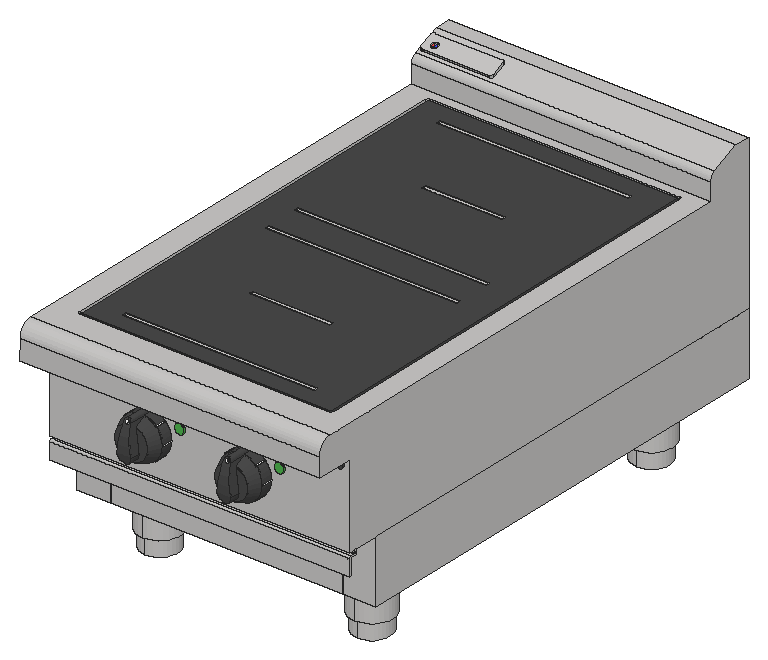
Revit family "QF_Moffat_INL8200R3-B_Induction_Cooktop_cat", category Specialty Equipment, Revit 2019
Family settings
  Round Connector Dimension = Use Diameter
  Part Type = Normal
  Work Plane-Based = No
  Always vertical = Yes
  Cut with Voids When Loaded = No
  Shared = No
  Room Calculation Point = No
Parameters (values of type "INL8200R3-B_415/60/3")
  Weight in Kilograms = 88
  Watts = 7000 W
  Volts = 415 V
  URL Cutsheet = ""
  Specification by User = ""
  Specification by Manufacturer = ""
  Show Logo [instance] = yes
  Serial Number = ""
  Seismic Rating = ""
  SMACNA No = ""
  Revision Code = ""
  Phase = 3
  Number of Poles = 1
  NAFEM Spec ID Number = ""
  Model = "INL8200R3-B"
  Min Ckt Ampacity = 0 A
  Max Overcurrent Protection = 0 A
  Masterspec = ""
  Manufacturer = "Moffat"
  Length = 450 mm
  Item Number = ""
  Installed By = ""
  Identify Quantity as Lot = yes
  Height = 410 mm
  HP = ""
  Furnished By = ""
  Foodservice Equipment Identifier = yes
  FL Amps = 10 A
  Electrical Remarks = ""
  Electric Connection Type = ""
  Elec Conn RI Height = 0 mm
  Elec Conn Connection Height = 0 mm
  Description = "Induction Cooktop"
  Depth = 805 mm
  Cycle = 60 Hz
  Conn Plug = ""
  Conn Conduit = yes
  CSI MasterFormat = ""
  Apparent Power = if(Phase = 3, Volts * FL Amps * 1.73, Volts * FL Amps)  # 7179.5 VA
Types (2, lengths in mm): name | Volts | Cycle | Apparent Power
  INL8200R3-B_415/60/3 | 415 V | 60 Hz | 7179.5 VA
  INL8200R3-B_400/50/3 | 400 V | 50 Hz | 6920 VA
Reference planes
  plane 1 "BACK": y = 0
  plane 2: z = 0
  plane 3 "LEFT": x = 0
  plane 4 "RIGHT": x = 450
  plane 5 "FRONT": y = -805
  plane 6 "TOP": z = 410
  plane 7 "Center Y": x = 225
  plane 8 "Center X": y = -402.5
  plane 9: x = 65.5
  plane 10: x = 384.5
  plane 11: y = -30
  plane 12: x = 320
  plane 13: z = 85
  plane 14: y = -100
  plane 15: y = -625
  plane 16: y = -70
  plane 17: z = 355
  plane 18: z = 75
Forms (mm)
  Extrusion 1, solid, material "QF_Metal_Stainless_Polished"
    sketch origin (0, 0, 0) x (0, 1, 0) y (0, 0, 1)
      loop
        line (0, 180) -> (0, 410) -> (-23.147, 410) -> (-62.316, 393.374)
        arc (-62.316, 393.374) -> (-67.905, 388.725) -> (-70, 381.764) r 12.612
        line (-70, 381.764) -> (-70, 355) -> (-784.417, 355)
        arc (-784.417, 355) -> (-798.971, 348.971) -> (-805, 334.417) r 20.583
        line (-805, 334.417) -> (-805, 305) -> (-749, 305) -> (-749, 180) -> (0, 180)
    from 0 to 450
  Extrusion 2, void
    sketch origin (0, -784.417, 355) x (0, 1, 0) y (-1, 0, 0)
      loop
        arc (699.588, -42.349) -> (697.83, -38.106) -> (693.588, -36.349) r 6
        line (693.588, -36.349) -> (45.492, -36.349)
        arc (45.492, -36.349) -> (41.249, -38.106) -> (39.492, -42.349) r 6
        line (39.492, -42.349) -> (39.492, -413.677)
        arc (39.492, -413.677) -> (41.249, -417.92) -> (45.492, -419.677) r 6
        line (45.492, -419.677) -> (693.588, -419.677)
        arc (693.588, -419.677) -> (697.83, -417.92) -> (699.588, -413.677) r 6
        line (699.588, -413.677) -> (699.588, -42.349)
    from 0 to -9.5
  Extrusion 3, solid, material "QF_Plastic_Black_Smooth"
    sketch origin (0, -784.417, 355) x (0, 1, 0) y (-1, 0, 0)
      loop
        line (695.588, -413.677) -> (695.588, -42.349)
        arc (695.588, -42.349) -> (695.002, -40.935) -> (693.588, -40.349) r 2
        line (693.588, -40.349) -> (45.492, -40.349)
        arc (45.492, -40.349) -> (44.078, -40.935) -> (43.492, -42.349) r 2
        line (43.492, -42.349) -> (43.492, -413.677)
        arc (43.492, -413.677) -> (44.078, -415.091) -> (45.492, -415.677) r 2
        line (45.492, -415.677) -> (693.588, -415.677)
        arc (693.588, -415.677) -> (695.002, -415.091) -> (695.588, -413.677) r 2
      loop
        line (666.191, -368.576) -> (666.191, -81.424) -> (660.191, -81.424) -> (660.191, -368.576) -> (666.191, -368.576)
      loop
        line (528.085, -165) -> (528.085, -285) -> (534.085, -285) -> (534.085, -165) -> (528.085, -165)
      loop
        line (76.585, -368.576) -> (76.585, -81.424) -> (70.585, -81.424) -> (70.585, -368.576) -> (76.585, -368.576)
      loop
        line (204.401, -165) -> (204.401, -285) -> (210.401, -285) -> (210.401, -165) -> (204.401, -165)
      loop
        line (399.085, -368.576) -> (399.085, -81.424) -> (393.085, -81.424) -> (393.085, -368.576) -> (399.085, -368.576)
      loop
        line (344.085, -368.576) -> (344.085, -81.424) -> (338.085, -81.424) -> (338.085, -368.576) -> (344.085, -368.576)
    from 0 to -9.5
  Extrusion 4, solid, material "QF_Metal_Stainless_Polished"
    sketch origin (0, 0, 40) x (0, 1, 0) y (0, 0, 1)
      loop
        line (-739.467, 140) -> (-738.192, 134.838)
        arc (-738.192, 134.838) -> (-738.307, 134.302) -> (-738.799, 134.063) r 0.625
        line (-738.799, 134.063) -> (-746.111, 134.063)
        arc (-746.111, 134.063) -> (-748.011, 133.276) -> (-748.797, 131.377) r 2.686
        line (-748.797, 131.377) -> (-748.797, 107.627) -> (-747.197, 107.627) -> (-747.197, 131.242)
        arc (-747.197, 131.242) -> (-746.84, 132.105) -> (-745.976, 132.463) r 1.221
        line (-745.976, 132.463) -> (-738.755, 132.463)
        arc (-738.755, 132.463) -> (-737.028, 133.304) -> (-736.625, 135.182) r 2.194
        line (-736.625, 135.182) -> (-737.815, 140) -> (-739.467, 140)
    from 0 to 450
  Extrusion 5, solid, material "QF_Plastic_Black_Smooth"
    sketch origin (0, -749, 181.875) x (0, 0, 1) y (-1, 0, 0)
      loop
        circle (112.843, -13.157) r 5
      loop
        circle (112.843, -436.843) r 5
    from 0 to 1.6
  Extrusion 6, solid, material "QF_Metal_Stainless_Polished"
    sketch origin (0, -699, 85) x (0, 1, 0) y (1, 0, 0)
      loop
        circle (669, 320) r 6.35
    from 0 to 10
  Extrusion 7, solid, material "QF_Metal_Stainless_Polished"
    sketch origin (0, -699, 85) x (1, 0, 0) y (0, -1, 0)
      loop
        line (0, -699) -> (450, -699) -> (450, 0) -> (399.2, 0) -> (399.2, -25.4) -> (50.8, -25.4) -> (50.8, 0) -> (0, 0) -> (0, -699)
    from 0 to -95
  Extrusion 8, solid, material "QF_Metal_Stainless_Polished"
    sketch origin (50.8, -30, 85) x (0, 1, 0) y (0, 0, 1)
      loop
        line (-669, 0) -> (-643.6, 0) -> (-643.6, 26.45) -> (-669, 26.45) -> (-669, 0)
      loop
        line (-669, 32.45) -> (-643.6, 32.45) -> (-643.6, 66.4) -> (-669, 66.4) -> (-669, 32.45)
      loop
        line (-669, 67.4) -> (-643.6, 67.4) -> (-643.6, 95) -> (-669, 95) -> (-669, 67.4)
    from 0 to 348.4
  Revolve 9, solid, material "QF_Metal_Stainless_Polished"
    sketch origin (65.5, -4572, -304.8) x (0, 0, -1) y (0, -1, 0)
      loop
        line (-304.8, -4499.5) -> (-304.8, -4472) -> (-389.8, -4472) -> (-389.8, -4503.75) -> (-329.8, -4503.75) -> (-329.8, -4499.5) -> (-304.8, -4499.5)
      axis (-389.8, -4472) -> (-304.8, -4472)
    angle from 0 to 360
  Revolve 10, solid, material "QF_Metal_Stainless_Polished"
    sketch origin (65.5, -4572, -304.8) x (0, 0, -1) y (0, -1, 0)
      loop
        line (-304.8, -3974.5) -> (-304.8, -3947) -> (-389.8, -3947) -> (-389.8, -3978.75) -> (-329.8, -3978.75) -> (-329.8, -3974.5) -> (-304.8, -3974.5)
      axis (-389.8, -3947) -> (-304.8, -3947)
    angle from 0 to 360
  Revolve 11, solid, material "QF_Metal_Stainless_Polished"
    sketch origin (384.5, -4572, -304.8) x (0, 0, -1) y (0, 1, 0)
      loop
        line (-304.8, 4499.5) -> (-329.8, 4499.5) -> (-329.8, 4503.75) -> (-389.8, 4503.75) -> (-389.8, 4472) -> (-304.8, 4472) -> (-304.8, 4499.5)
      axis (-389.8, 4472) -> (-304.8, 4472)
    angle from 0 to 360
  Revolve 12, solid, material "QF_Metal_Stainless_Polished"
    sketch origin (384.5, -4572, -304.8) x (0, 0, -1) y (0, 1, 0)
      loop
        line (-304.8, 3974.5) -> (-329.8, 3974.5) -> (-329.8, 3978.75) -> (-389.8, 3978.75) -> (-389.8, 3947) -> (-304.8, 3947) -> (-304.8, 3974.5)
      axis (-389.8, 3947) -> (-304.8, 3947)
    angle from 0 to 360
  Extrusion 13, solid, material "QF_Metal_Stainless_Polished"
    sketch origin (0, 0, 0) x (1, 0, 0) y (0, 1, 0)
      loop
        line (368.576, -124.226) -> (368.576, -118.226) -> (81.424, -118.226) -> (81.424, -124.226) -> (368.576, -124.226)
      loop
        line (285, -256.332) -> (285, -250.332) -> (165, -250.332) -> (165, -256.332) -> (285, -256.332)
      loop
        line (165, -574.016) -> (165, -580.016) -> (285, -580.016) -> (285, -574.016) -> (165, -574.016)
      loop
        line (81.424, -707.833) -> (81.424, -713.833) -> (368.576, -713.833) -> (368.576, -707.833) -> (81.424, -707.833)
      loop
        line (368.576, -391.333) -> (368.576, -385.333) -> (81.424, -385.333) -> (81.424, -391.333) -> (368.576, -391.333)
      loop
        line (368.576, -446.333) -> (368.576, -440.333) -> (81.424, -440.333) -> (81.424, -446.333) -> (368.576, -446.333)
    from 355 to 345.5
  Extrusion 14, solid, material "QF_Paint_Green"
    sketch origin (63.231, -748.999, 157.5) x (0, 0, 1) y (-1, 0, 0)
      loop
        circle (100.3, -282.5) r 7.15
    from 0 to 1.6
  Extrusion 15, solid, material "QF_Plastic_Black_Smooth"
    sketch origin (75, -748.999, 169.375) x (0, 0, 1) y (-1, 0, 0)
      loop
        circle (112.843, -225) r 5
    from 0 to 1.6
  Extrusion 16, solid, material "QF_Paint_Green"
    sketch origin (-86.769, -748.999, 157.5) x (0, 0, 1) y (-1, 0, 0)
      loop
        circle (100.3, -282.5) r 7.15
    from 0 to 1.6
  Extrusion 17, solid, material "QF_Plastic_Black_Smooth"
    sketch origin (-75, -748.999, 169.375) x (0, 0, 1) y (-1, 0, 0)
      loop
        circle (112.843, -225) r 5
    from 0 to 1.6
Cuts and joins
  Extrusion 2 cuts Extrusion 1
Lines and regions (mm)
  symbolic lines
    curve 1: line (0, 0, 0) -> (450, 0, 0)
    curve 2: line (0, -805, 0) -> (0, 0, 0)
    curve 3: line (450, -805, 0) -> (0, -805, 0)
    curve 4: line (450, 0, 0) -> (450, -805, 0)
    curve 5: line (0, -70, 0) -> (450, -70, 0)
    curve 6: line (0, -23.147, 0) -> (450, -23.147, 0)
    curve 7: line (42.349, -84.83, 0) -> (413.677, -84.83, 0)
    curve 8: arc (413.677, -84.83, 0) -> (417.92, -86.587, 0) -> (419.677, -90.83, 0) r 6
    curve 9: line (419.677, -90.83, 0) -> (419.677, -738.926, 0)
    curve 10: arc (419.677, -738.926, 0) -> (417.92, -743.168, 0) -> (413.677, -744.926, 0) r 6
    curve 11: line (413.677, -744.926, 0) -> (42.349, -744.926, 0)
    curve 12: arc (42.349, -744.926, 0) -> (38.106, -743.168, 0) -> (36.349, -738.926, 0) r 6
    curve 13: line (36.349, -738.926, 0) -> (36.349, -90.83, 0)
    curve 14: arc (36.349, -90.83, 0) -> (38.106, -86.587, 0) -> (42.349, -84.83, 0) r 6
    curve 15: line (413.677, -88.83, 0) -> (42.349, -88.83, 0)
    curve 16: arc (42.349, -88.83, 0) -> (40.935, -89.415, 0) -> (40.349, -90.83, 0) r 2
    curve 17: line (40.349, -90.83, 0) -> (40.349, -738.926, 0)
    curve 18: arc (40.349, -738.926, 0) -> (40.935, -740.34, 0) -> (42.349, -740.926, 0) r 2
    curve 19: line (42.349, -740.926, 0) -> (413.677, -740.926, 0)
    curve 20: arc (413.677, -740.926, 0) -> (415.091, -740.34, 0) -> (415.677, -738.926, 0) r 2
    curve 21: line (415.677, -738.926, 0) -> (415.677, -90.83, 0)
    curve 22: arc (415.677, -90.83, 0) -> (415.091, -89.415, 0) -> (413.677, -88.83, 0) r 2
    curve 23: line (81.424, -713.833, 0) -> (368.576, -713.833, 0)
    curve 24: line (368.576, -713.833, 0) -> (368.576, -707.833, 0)
    curve 25: line (368.576, -707.833, 0) -> (81.424, -707.833, 0)
    curve 26: line (81.424, -707.833, 0) -> (81.424, -713.833, 0)
    curve 27: line (165, -574.016, 0) -> (285, -574.016, 0)
    curve 28: line (165, -580.016, 0) -> (165, -574.016, 0)
    curve 29: line (285, -574.016, 0) -> (285, -580.016, 0)
    curve 30: line (81.424, -124.226, 0) -> (368.576, -124.226, 0)
    curve 31: line (368.576, -124.226, 0) -> (368.576, -118.226, 0)
    curve 32: line (368.576, -118.226, 0) -> (81.424, -118.226, 0)
    curve 33: line (81.424, -118.226, 0) -> (81.424, -124.226, 0)
    curve 34: line (165, -256.332, 0) -> (285, -256.332, 0)
    curve 35: line (285, -256.332, 0) -> (285, -250.332, 0)
    curve 36: line (285, -250.332, 0) -> (165, -250.332, 0)
    curve 37: line (165, -250.332, 0) -> (165, -256.332, 0)
    curve 38: line (368.576, -385.333, 0) -> (81.424, -385.333, 0)
    curve 39: line (81.424, -385.333, 0) -> (81.424, -391.333, 0)
    curve 40: line (81.424, -391.333, 0) -> (368.576, -391.333, 0)
    curve 41: line (368.576, -391.333, 0) -> (368.576, -385.333, 0)
    curve 42: line (81.424, -446.333, 0) -> (368.576, -446.333, 0)
    curve 43: line (368.576, -446.333, 0) -> (368.576, -440.333, 0)
    curve 44: line (368.576, -440.333, 0) -> (81.424, -440.333, 0)
    curve 45: line (81.424, -440.333, 0) -> (81.424, -446.333, 0)
    curve 46: line (285, -574.016, 0) -> (165, -574.016, 0)
    curve 47: line (165, -574.016, 0) -> (165, -580.016, 0)
    curve 48: line (165, -580.016, 0) -> (285, -580.016, 0)
    curve 49: line (285, -580.016, 0) -> (285, -574.016, 0)
Dimensions and locks
  equal spacing: plane 3 "LEFT", plane 7 "Center Y", plane 4 "RIGHT"
  "Length": plane 3 "LEFT" to plane 4 "RIGHT"
  equal spacing: plane 5 "FRONT", plane 8 "Center X", plane 1 "BACK"
  "Depth": plane 5 "FRONT" to plane 1 "BACK"
  "Height": plane 6 "TOP" to level
  plane 9 to plane 10 = 319 mm
  plane 4 "RIGHT" to plane 3 "LEFT" = 450 mm
  plane 1 "BACK" to plane 5 "FRONT" = 805 mm
  plane 6 "TOP" to plane 2 = 410 mm
  locked: plane 12 to plane 4 "RIGHT" at 130
  plane 1 "BACK" to plane 11 = 30 mm
  plane 1 "BACK" to plane 14 to plane 15 = 100 mm, 525 mm
  plane 1 "BACK" to plane 16 = 70 mm
  plane 17 to level = 355 mm
  level to plane 13 = 85 mm
  plane 18 to level = 75 mm
  plane 12 to plane 4 "RIGHT" = 130 mm
  aligned and locked: level to plane 2
  aligned and locked: Extrusion 3 to Extrusion 13
Automatic sketch dimensions
  Extrusion 2 sketch curve to Extrusion 1 = 39.492 mm
  Extrusion 2 sketch curve to Extrusion 2 sketch curve = 6 mm  (x3)
  Extrusion 1 to Extrusion 2 sketch curve = 20.83 mm  (x2)
  Extrusion 1 to Extrusion 2 sketch curve = 30.323 mm
  Extrusion 1 to Extrusion 2 sketch curve = 42.349 mm
  Extrusion 4 sketch curve to plane 5 "FRONT" = 56.203 mm
  Extrusion 4 sketch curve to Extrusion 4 sketch curve = 1.6 mm
  Extrusion 4 sketch curve to Extrusion 4 sketch curve = 1.086 mm
  Extrusion 4 sketch curve to Extrusion 4 sketch curve = 0.135 mm  (x2)
  Extrusion 4 sketch curve to Extrusion 4 sketch curve = 6.644 mm
  Extrusion 4 sketch curve to Extrusion 4 sketch curve = 0.668 mm
  Extrusion 4 sketch curve to Extrusion 4 sketch curve = 0.044 mm
  Extrusion 4 sketch curve to Extrusion 4 sketch curve = 0.563 mm
  Extrusion 4 sketch curve to Extrusion 4 sketch curve = 1.652 mm
  Extrusion 4 sketch curve to Extrusion 4 sketch curve = 1.567 mm
  Extrusion 4 sketch curve to plane 13 = 62.627 mm
  Extrusion 4 sketch curve to Extrusion 4 sketch curve = 23.614 mm
  Extrusion 4 sketch curve to Extrusion 4 sketch curve = 0.594 mm
  Extrusion 4 sketch curve to Extrusion 4 sketch curve = 0.032 mm
  Extrusion 4 sketch curve to Extrusion 4 sketch curve = 5.162 mm
  Extrusion 1 to Extrusion 5 sketch curve = 10.282 mm  (x2)
  Extrusion 1 to Extrusion 5 sketch curve = 13.157 mm  (x2)
  Extrusion 7 to Extrusion 6 sketch curve = 30 mm
  Extrusion 6 sketch curve to Extrusion 7 = 79.2 mm
  plane 1 "BACK" to Extrusion 7 sketch curve = 0 mm
  Extrusion 7 sketch curve to plane 3 "LEFT" = 0 mm
  Extrusion 7 sketch curve to plane 4 "RIGHT" = 0 mm
  plane 9 to Extrusion 7 sketch curve = 14.7 mm
  Extrusion 7 sketch curve to plane 10 = 14.7 mm
  plane 15 to Extrusion 7 sketch curve = 48.6 mm
  Extrusion 7 sketch curve to Extrusion 7 sketch curve = 25.4 mm  (x2)
  Extrusion 8 sketch curve to Extrusion 7 = 0 mm  (x8)
  Extrusion 7 to Extrusion 8 sketch curve = 26.45 mm
  Extrusion 8 sketch curve to Extrusion 8 sketch curve = 6 mm
  Extrusion 7 to Extrusion 8 sketch curve = 28.6 mm
  Extrusion 8 sketch curve to Extrusion 8 sketch curve = 1 mm
  plane 13 to Revolve 9 sketch curve = 0 mm
  Revolve 9 sketch curve to level = 0 mm  (x2)
  Revolve 9 sketch curve to plane 14 = 0 mm  (x2)
  plane 16 to Revolve 9 sketch curve = 2.5 mm
  level to Revolve 9 sketch curve = 25 mm
  Revolve 9 sketch curve to plane 16 = 1.75 mm
  Revolve 9 sketch curve to Revolve 9 sketch curve = 25 mm
  plane 13 to Revolve 10 sketch curve = 0 mm
  Revolve 10 sketch curve to level = 0 mm  (x2)
  Revolve 10 sketch curve to plane 15 = 0 mm  (x2)
  level to Revolve 10 sketch curve = 25 mm
  Revolve 10 sketch curve to Revolve 10 sketch curve = 27.5 mm
  Revolve 10 sketch curve to Revolve 10 sketch curve = 31.75 mm
  Revolve 10 sketch curve to Revolve 10 sketch curve = 25 mm
  plane 13 to Revolve 11 sketch curve = 0 mm
  Revolve 11 sketch curve to level = 0 mm  (x2)
  Revolve 11 sketch curve to plane 14 = 0 mm  (x2)
  plane 16 to Revolve 11 sketch curve = 2.5 mm
  level to Revolve 11 sketch curve = 25 mm
  Revolve 11 sketch curve to plane 16 = 1.75 mm
  Revolve 11 sketch curve to Revolve 11 sketch curve = 25 mm
  plane 13 to Revolve 12 sketch curve = 0 mm
  Revolve 12 sketch curve to level = 0 mm  (x2)
  Revolve 12 sketch curve to plane 15 = 0 mm  (x2)
  level to Revolve 12 sketch curve = 25 mm
  Revolve 12 sketch curve to plane 15 = 27.5 mm
  Revolve 12 sketch curve to Revolve 12 sketch curve = 4.25 mm
  Revolve 12 sketch curve to Revolve 12 sketch curve = 25 mm
  Extrusion 14 sketch curve to plane 12 = 25.731 mm
  Extrusion 14 sketch curve to plane 17 = 97.2 mm
  plane 12 to Extrusion 15 sketch curve = 20 mm
  Extrusion 15 sketch curve to plane 17 = 72.782 mm
  Extrusion 16 sketch curve to plane 7 "Center Y" = 29.269 mm
  Extrusion 16 sketch curve to plane 17 = 97.2 mm
  Extrusion 17 sketch curve to plane 17 = 72.782 mm
  Extrusion 17 sketch curve to plane 7 "Center Y" = 75 mm
  Extrusion 1 sketch curve to plane 5 "FRONT" = 0 mm
  Extrusion 1 sketch curve to plane 17 = 0 mm
  Extrusion 1 sketch curve to plane 16 = 0 mm
  Extrusion 1 sketch curve to plane 6 "TOP" = 0 mm
  Extrusion 1 sketch curve to plane 1 "BACK" = 0 mm
  Extrusion 1 sketch curve to Extrusion 1 sketch curve = 20.583 mm
  Extrusion 1 sketch curve to Extrusion 1 sketch curve = 35.417 mm
  Extrusion 1 sketch curve to plane 16 = 7.684 mm
  Extrusion 1 sketch curve to Extrusion 1 sketch curve = 12.612 mm
  Extrusion 1 sketch curve to plane 11 = 6.853 mm
  Extrusion 1 sketch curve to Extrusion 1 sketch curve = 29.417 mm
  Extrusion 1 sketch curve to plane 13 = 95 mm
  plane 17 to Extrusion 1 sketch curve = 26.764 mm
  plane 1 "BACK" to curve 1 = 0 mm
  curve 1 to plane 3 "LEFT" = 0 mm
  curve 1 to plane 4 "RIGHT" = 0 mm
  plane 5 "FRONT" to curve 4 = 0 mm
  plane 16 to curve 5 = 0 mm
  curve 6 to plane 11 = 6.853 mm
  curve 8 to curve 22 = 0 mm  (x2)
  curve 10 to curve 20 = 0 mm  (x2)
  curve 12 to curve 18 = 0 mm  (x2)
  curve 14 to curve 16 = 0 mm  (x2)
  plane 9 to curve 13 = 29.151 mm
  curve 14 to curve 17 = 4 mm
  curve 18 to curve 18 = 2 mm
  curve 16 to curve 7 = 2 mm
  curve 33 to plane 9 = 15.924 mm
  curve 25 to plane 9 = 15.924 mm
  curve 38 to plane 9 = 15.924 mm
  curve 42 to plane 9 = 15.924 mm
  curve 37 to plane 7 "Center Y" = 60 mm
  curve 28 to plane 7 "Center Y" = 60 mm
  plane 12 to curve 49 = 35 mm
  plane 12 to curve 35 = 35 mm
  plane 10 to curve 25 = 15.924 mm
  plane 10 to curve 30 = 15.924 mm
  plane 10 to curve 44 = 15.924 mm
  plane 10 to curve 41 = 15.924 mm
  curve 15 to plane 14 = 11.17 mm
  curve 15 to plane 10 = 29.177 mm
  curve 11 to plane 10 = 29.177 mm
  curve 8 to curve 21 = 2 mm
  curve 11 to plane 5 "FRONT" = 60.074 mm
  curve 20 to curve 23 = 25.093 mm
  curve 23 to curve 24 = 6 mm
  curve 47 to plane 15 = 44.984 mm
  curve 29 to curve 27 = 6 mm
  curve 42 to plane 8 "Center X" = 43.833 mm
  curve 42 to curve 44 = 6 mm
  plane 8 "Center X" to curve 39 = 11.167 mm
  curve 40 to curve 38 = 6 mm
  plane 8 "Center X" to curve 35 = 146.168 mm
  curve 34 to curve 35 = 6 mm
  plane 14 to curve 30 = 24.226 mm
  curve 30 to curve 33 = 6 mm
  Extrusion 13 sketch curve to plane 9 = 15.924 mm  (x4)
  Extrusion 13 sketch curve to plane 7 "Center Y" = 60 mm  (x2)
  plane 12 to Extrusion 13 sketch curve = 35 mm  (x2)
  plane 10 to Extrusion 13 sketch curve = 15.924 mm  (x4)
  plane 15 to Extrusion 13 sketch curve = 88.833 mm
  Extrusion 13 sketch curve to Extrusion 13 sketch curve = 6 mm  (x6)
  Extrusion 13 sketch curve to plane 15 = 44.984 mm
  Extrusion 13 sketch curve to plane 8 "Center X" = 43.833 mm
  plane 8 "Center X" to Extrusion 13 sketch curve = 11.167 mm
  plane 8 "Center X" to Extrusion 13 sketch curve = 146.168 mm
  plane 14 to Extrusion 13 sketch curve = 24.226 mm
  Extrusion 3 sketch curve to Extrusion 1 = 43.492 mm
  Extrusion 3 sketch curve to Extrusion 3 sketch curve = 2 mm  (x3)
  Extrusion 3 sketch curve to Extrusion 3 sketch curve = 25.093 mm
  Extrusion 3 sketch curve to Extrusion 3 sketch curve = 6 mm  (x6)
  Extrusion 3 sketch curve to Extrusion 3 sketch curve = 127.816 mm
  Extrusion 3 sketch curve to Extrusion 3 sketch curve = 127.684 mm
  Extrusion 3 sketch curve to Extrusion 3 sketch curve = 49 mm
  Extrusion 3 sketch curve to Extrusion 3 sketch curve = 129 mm
  Extrusion 1 to Extrusion 3 sketch curve = 54.226 mm
  Extrusion 1 to Extrusion 3 sketch curve = 20.83 mm  (x2)
  Extrusion 1 to Extrusion 3 sketch curve = 34.323 mm
  Extrusion 3 sketch curve to Extrusion 3 sketch curve = 45.101 mm  (x2)
  Extrusion 1 to Extrusion 3 sketch curve = 81.424 mm  (x4)
  Extrusion 3 sketch curve to Extrusion 3 sketch curve = 0 mm  (x2)
  Extrusion 3 sketch curve to Extrusion 3 sketch curve = 83.576 mm  (x2)
  Extrusion 3 sketch curve to Extrusion 3 sketch curve = 120 mm  (x2)
  Extrusion 1 to Extrusion 3 sketch curve = 42.349 mm
  radius of Extrusion 5 sketch curve = 5 mm  (x2)
  radius of Extrusion 6 sketch curve = 6.35 mm
  radius of Extrusion 14 sketch curve = 7.15 mm
  radius of Extrusion 15 sketch curve = 5 mm
  radius of Extrusion 16 sketch curve = 7.15 mm
  radius of Extrusion 17 sketch curve = 5 mm
Nested families
  nested 1: "Knob" at (267.5, -739.499, 204.5), type "Knob"
  nested 2: "Knob" at (117.5, -739.499, 204.5), type "Knob"
  nested 3: "QF_LOGO_Waldorf1" at (2, -56.925, 395.662), visible <- "Show Logo", type "QF_LOGO_Waldorf 2"
Connectors
  electrical at (320, -30, 75), driven by "Volts", driven by "Watts"
    settings: on Extrusion 6, index 3, voltage 415 V, apparent load 7000 VA, apparent load phase1 0 VA, apparent load phase2 0 VA, apparent load phase3 0 VA, power factor 1, load classification "Other", number of poles 1, system type 30, power factor state 1, is connector primary yes, connector utility no, sub classification motor no, connector description ""
Definition of nested family "Knob"
  Parameters (values of type "Knob")
    Weight in Pounds = 0
    URL Cutsheet = ""
    Specification by User = ""
    Specification by Manufacturer = ""
    Serial Number = ""
    Seismic Rating = ""
    SMACNA No = ""
    Revision Code = ""
    NAFEM Spec ID Number = ""
    Masterspec = ""
    Length = 65 mm
    Item Number = ""
    Installed By = ""
    Identify Quantity as Lot = yes
    Height = 69.5 mm
    Furnished By = ""
    Foodservice Equipment Identifier = yes
    Depth = 59 mm
    CSI MasterFormat = ""
  Reference planes
    plane 1 "BACK": y = 0
    plane 2: z = 0
    plane 3 "LEFT": x = 0
    plane 4 "RIGHT": x = 65
    plane 5 "FRONT": y = -59
    plane 6 "TOP": z = 69.5
    plane 7 "Center Y": x = 32.5
    plane 8 "Center X": y = -29.5
  Forms (mm)
    Revolve 1, solid
      sketch origin (32.5, 175.397, 1219.2) x (0, 1, 0) y (0, 0, 1)
        loop
          line (-175.397, -1186.7) -> (-219.397, -1186.7) -> (-219.397, -1211.501) -> (-202.106, -1219.2) -> (-185.397, -1219.2) -> (-185.397, -1191.7) -> (-175.397, -1191.7) -> (-175.397, -1186.7)
        axis (-219.397, -1186.7) -> (-175.397, -1186.7)
      angle from 0 to 360
    Extrusion 2, solid
      sketch origin (32.5, 175.397, 1219.2) x (0, 1, 0) y (0, 0, 1)
        loop
          line (-202.106, -1154.2) -> (-185.397, -1154.2) -> (-185.397, -1149.7) -> (-224.105, -1149.7)
          arc (-224.105, -1149.7) -> (-233.965, -1178.467) -> (-230.696, -1208.7) r 70
          line (-230.696, -1208.7) -> (-219.397, -1208.7) -> (-219.397, -1161.899) -> (-202.106, -1154.2)
      from -15 to 15
    Extrusion 3, void
      sketch origin (0, 0, 0) x (1, 0, 0) y (0, 0, 1)
        loop
          line (27.501, 64.613) -> (22.02, 20.585)
          arc (22.02, 20.585) -> (32.792, 10.488) -> (42.986, 21.169) r 10.487
          line (42.986, 21.169) -> (37.499, 64.613)
          arc (37.499, 64.613) -> (32.5, 69.5) -> (27.501, 64.613) r 5
        loop
          line (10, 72.977) -> (10, 5.625) -> (55, 5.625) -> (55, 72.977) -> (10, 72.977)
      from 6.142 to 69.687
    Extrusion 4, solid
      sketch origin (0, -34.115, -16.916) x (1, 0, 0) y (0, 0.45399, 0.891007)
        loop
          circle (32.497, 65) r 2
      from 51.525 to 53.075
    Extrusion 5, solid
      sketch origin (32.5, -10, 32.5) x (0, 0, -1) y (-1, 0, 0)
        loop
          line (-23.54, -22.408) -> (-24.106, -22.974)
          arc (-24.106, -22.974) -> (-23.547, -23.547) -> (-22.974, -24.106) r 33.3
          line (-22.974, -24.106) -> (-22.408, -23.54)
          arc (-22.408, -23.54) -> (-22.981, -22.981) -> (-23.54, -22.408) r 32.5
        loop
          arc (-0.8, -33.29) -> (0, -33.3) -> (0.8, -33.29) r 33.3
          line (0.8, -33.29) -> (0.8, -32.49)
          arc (0.8, -32.49) -> (0, -32.5) -> (-0.8, -32.49) r 32.5
          line (-0.8, -32.49) -> (-0.8, -33.29)
        loop
          arc (23.54, -22.408) -> (22.981, -22.981) -> (22.408, -23.54) r 32.5
          line (22.408, -23.54) -> (22.974, -24.106)
          arc (22.974, -24.106) -> (23.547, -23.547) -> (24.106, -22.974) r 33.3
          line (24.106, -22.974) -> (23.54, -22.408)
        loop
          arc (-23.54, 22.408) -> (-22.981, 22.981) -> (-22.408, 23.54) r 32.5
          line (-22.408, 23.54) -> (-22.974, 24.106)
          arc (-22.974, 24.106) -> (-23.547, 23.547) -> (-24.106, 22.974) r 33.3
          line (-24.106, 22.974) -> (-23.54, 22.408)
        loop
          line (-0.8, 33.29) -> (-0.8, 32.49)
          arc (-0.8, 32.49) -> (0, 32.5) -> (0.8, 32.49) r 32.5
          line (0.8, 32.49) -> (0.8, 33.29)
          arc (0.8, 33.29) -> (0, 33.3) -> (-0.8, 33.29) r 33.3
        loop
          line (32.49, -0.8) -> (33.29, -0.8)
          arc (33.29, -0.8) -> (33.3, 0) -> (33.29, 0.8) r 33.3
          line (33.29, 0.8) -> (32.49, 0.8)
          arc (32.49, 0.8) -> (32.5, 0) -> (32.49, -0.8) r 32.5
        loop
          arc (24.106, 22.974) -> (23.547, 23.547) -> (22.974, 24.106) r 33.3
          line (22.974, 24.106) -> (22.408, 23.54)
          arc (22.408, 23.54) -> (22.981, 22.981) -> (23.54, 22.408) r 32.5
          line (23.54, 22.408) -> (24.106, 22.974)
      from 0 to -16.709
  Cuts and joins
    Extrusion 3 cuts Extrusion 2
  Dimensions and locks
    equal spacing: plane 3 "LEFT", plane 7 "Center Y", plane 4 "RIGHT"
    "Length": plane 3 "LEFT" to plane 4 "RIGHT"
    equal spacing: plane 5 "FRONT", plane 8 "Center X", plane 1 "BACK"
    "Depth": plane 5 "FRONT" to plane 1 "BACK"
    "Height": plane 6 "TOP" to level
    plane 4 "RIGHT" to plane 3 "LEFT" = 65 mm
    aligned and locked: level to plane 2
  Automatic sketch dimensions
    Revolve 1 sketch curve to level = 0 mm
    Revolve 1 sketch curve to plane 1 "BACK" = 0 mm  (x2)
    plane 1 "BACK" to Revolve 1 sketch curve = 10 mm
    plane 8 "Center X" to Revolve 1 sketch curve = 2.791 mm
    Revolve 1 sketch curve to plane 8 "Center X" = 14.5 mm
    level to Revolve 1 sketch curve = 7.699 mm
    level to Revolve 1 sketch curve = 27.5 mm
    Revolve 1 sketch curve to Revolve 1 sketch curve = 5 mm
    Revolve 1 sketch curve to Revolve 1 sketch curve = 35 mm
    Revolve 1 sketch curve to Revolve 1 sketch curve = 0 mm
    Extrusion 2 sketch curve to plane 6 "TOP" = 0 mm
    Extrusion 2 sketch curve to plane 5 "FRONT" = 3.702 mm
    Extrusion 2 sketch curve to plane 5 "FRONT" = 10.293 mm
    Extrusion 2 sketch curve to Extrusion 2 sketch curve = 11.298 mm
    plane 8 "Center X" to Extrusion 2 sketch curve = 2.791 mm
    plane 1 "BACK" to Extrusion 2 sketch curve = 10 mm
    Extrusion 2 sketch curve to plane 1 "BACK" = 11 mm
    Extrusion 2 sketch curve to plane 6 "TOP" = 4.5 mm
    Extrusion 2 sketch curve to plane 6 "TOP" = 12.199 mm
    level to Extrusion 2 sketch curve = 32.962 mm
    level to Extrusion 3 sketch curve = 5.625 mm
    Extrusion 3 sketch curve to plane 7 "Center Y" = 0 mm  (x2)
    Extrusion 3 sketch curve to plane 7 "Center Y" = 4.999 mm
    Extrusion 3 sketch curve to plane 7 "Center Y" = 10.48 mm
    plane 6 "TOP" to Extrusion 3 sketch curve = 3.477 mm
    plane 3 "LEFT" to Extrusion 3 sketch curve = 10 mm
    Extrusion 3 sketch curve to plane 6 "TOP" = 4.887 mm
    Extrusion 3 sketch curve to Extrusion 3 sketch curve = 4.999 mm
    plane 7 "Center Y" to Extrusion 3 sketch curve = 10.486 mm
    level to Extrusion 3 sketch curve = 20.585 mm
    Extrusion 3 sketch curve to Extrusion 3 sketch curve = 0.387 mm
    Extrusion 3 sketch curve to Extrusion 3 sketch curve = 0.113 mm
    plane 4 "RIGHT" to Extrusion 3 sketch curve = 10 mm
    Extrusion 5 sketch curve to Revolve 1 = 32.49 mm
    Revolve 1 to Extrusion 5 sketch curve = 32.49 mm
    Extrusion 5 sketch curve to Revolve 1 = 23.54 mm  (x2)
    Revolve 1 to Extrusion 5 sketch curve = 23.54 mm  (x2)
    Extrusion 5 sketch curve to Revolve 1 = 24.106 mm  (x2)
    Revolve 1 to Extrusion 5 sketch curve = 24.106 mm  (x2)
    Revolve 1 to Extrusion 5 sketch curve = 22.408 mm  (x2)
    Extrusion 5 sketch curve to Revolve 1 = 22.408 mm  (x2)
    Revolve 1 to Extrusion 5 sketch curve = 22.974 mm  (x2)
    Extrusion 5 sketch curve to Revolve 1 = 22.974 mm  (x2)
    Extrusion 5 sketch curve to Extrusion 5 sketch curve = 1.6 mm  (x2)
    Revolve 1 to Extrusion 5 sketch curve = 0.8 mm
    Extrusion 5 sketch curve to Revolve 1 = 0.8 mm
    Extrusion 4 sketch curve to plane 7 "Center Y" = 0.003 mm
    radius of Extrusion 5 sketch curve to Revolve 1 = 0 mm  (x7)
    radius of Revolve 1 to Extrusion 5 sketch curve = 0.8 mm  (x7)
    radius of Extrusion 4 sketch curve = 2 mm
Definition of nested family "QF_LOGO_Waldorf1"
  Parameters (values of type "QF_LOGO_Waldorf")
    Weight in Pounds = 0
    URL Cutsheet = ""
    Specification by User = ""
    Specification by Manufacturer = ""
    Serial Number = ""
    Seismic Rating = ""
    SMACNA No = ""
    Revision Code = ""
    NAFEM Spec ID Number = ""
    Masterspec = ""
    Length = 138 mm
    Item Number = ""
    Installed By = ""
    Identify Quantity as Lot = yes
    Height = 26.711 mm
    Furnished By = ""
    Foodservice Equipment Identifier = yes
    Depth = 3.175 mm
    CSI MasterFormat = ""
  Reference planes
    plane 1 "BACK": y = 0
    plane 2: z = 0
    plane 3 "LEFT": x = 0
    plane 4 "RIGHT": x = 138
    plane 5 "FRONT": y = -3.175
    plane 6 "TOP": z = 26.711
    plane 7 "Center Y": x = 69
    plane 8 "Center X": y = -1.587
  Forms (mm)
    Extrusion 1, solid
      sketch origin (0, 0, 0) x (1, 0, 0) y (0, 0.920505, 0.390731)
        loop
          line (109, 3.464) -> (109, 23.247)
          spline (109, 23.247) -> (108.966, 23.699) -> (108.864, 24.143) -> (108.696, 24.572) -> (108.464, 24.979) -> (108.173, 25.355) -> (107.828, 25.696) -> (107.435, 25.995) -> (107, 26.247) -> (106.531, 26.447) -> (106.035, 26.593) -> (105.522, 26.681) -> (105, 26.711)
          line (105, 26.711) -> (4, 26.711)
          spline (4, 26.711) -> (3.478, 26.681) -> (2.965, 26.593) -> (2.469, 26.447) -> (2, 26.247) -> (1.565, 25.995) -> (1.172, 25.696) -> (0.827, 25.355) -> (0.536, 24.979) -> (0.304, 24.572) -> (0.136, 24.143) -> (0.034, 23.699) -> (0, 23.247)
          line (0, 23.247) -> (0, 3.464)
          spline (0, 3.464) -> (0.034, 3.012) -> (0.136, 2.568) -> (0.304, 2.138) -> (0.536, 1.732) -> (0.827, 1.355) -> (1.172, 1.015) -> (1.565, 0.716) -> (2, 0.464) -> (2.469, 0.264) -> (2.965, 0.118) -> (3.478, 0.03) -> (4, 0)
          line (4, 0) -> (105, 0)
          spline (105, 0) -> (105.522, 0.03) -> (106.035, 0.118) -> (106.531, 0.264) -> (107, 0.464) -> (107.435, 0.716) -> (107.828, 1.015) -> (108.173, 1.355) -> (108.464, 1.732) -> (108.696, 2.138) -> (108.864, 2.568) -> (108.966, 3.012) -> (109, 3.464)
        loop
          line (14.75, 7.005) -> (14.75, 15.654)
          arc (14.75, 15.654) -> (10.425, 11.329) -> (14.75, 7.005) r 4.325
        loop
          line (15.25, 15.654) -> (15.25, 7.005)
          arc (15.25, 7.005) -> (19.575, 11.329) -> (15.25, 15.654) r 4.325
      from 0 to 3.2
    Extrusion 2, solid
      sketch origin (0, 0, 0) x (1, 0, 0) y (0, 0.920505, 0.390731)
        loop
          line (15.25, 15.654) -> (15.25, 7.005)
          arc (15.25, 7.005) -> (19.575, 11.329) -> (15.25, 15.654) r 4.325
      from 0 to 3.2
    Extrusion 3, solid
      sketch origin (16.271, 0, 0) x (-1, 0, 0) y (0, -0.920505, -0.390731)
        loop
          arc (1.521, -15.654) -> (5.846, -11.329) -> (1.521, -7.005) r 4.325
          line (1.521, -7.005) -> (1.521, -15.654)
      from 0 to 3.2
  Lines and regions (mm)
    Split face 1
      outline origin (0, -1.25, 2.946) x (1, 0, 0) y (0, 0.920505, 0.390731)
        loop
          spline (22.129, 16.975) -> (22.389, 15.984) -> (22.649, 15.002) -> (22.91, 14.028) -> (23.172, 13.065) -> (23.433, 12.11) -> (23.695, 11.166) -> (23.956, 10.232) -> (24.218, 9.308) -> (24.479, 8.396) -> (24.74, 7.495) -> (25, 6.605) -> (25.26, 5.728)
          line (25.26, 5.728) -> (29.463, 5.728)
          spline (29.463, 5.728) -> (29.582, 6.252) -> (29.701, 6.78) -> (29.82, 7.313) -> (29.939, 7.85) -> (30.058, 8.391) -> (30.178, 8.936) -> (30.297, 9.485) -> (30.416, 10.038) -> (30.536, 10.594) -> (30.655, 11.155) -> (30.775, 11.719) -> (30.894, 12.287)
          spline (30.894, 12.287) -> (31.018, 11.719) -> (31.142, 11.155) -> (31.266, 10.594) -> (31.39, 10.038) -> (31.514, 9.485) -> (31.638, 8.936) -> (31.762, 8.391) -> (31.885, 7.85) -> (32.009, 7.313) -> (32.133, 6.78) -> (32.256, 6.252) -> (32.379, 5.728)
          line (32.379, 5.728) -> (36.51, 5.728)
          spline (36.51, 5.728) -> (36.766, 6.605) -> (37.023, 7.495) -> (37.28, 8.396) -> (37.538, 9.308) -> (37.795, 10.232) -> (38.053, 11.166) -> (38.311, 12.11) -> (38.569, 13.065) -> (38.826, 14.028) -> (39.083, 15.002) -> (39.34, 15.984) -> (39.597, 16.975)
          line (39.597, 16.975) -> (35.637, 16.975)
          spline (35.637, 16.975) -> (35.523, 16.334) -> (35.41, 15.697) -> (35.296, 15.063) -> (35.182, 14.433) -> (35.068, 13.807) -> (34.954, 13.185) -> (34.84, 12.566) -> (34.726, 11.952) -> (34.612, 11.342) -> (34.497, 10.737) -> (34.383, 10.135) -> (34.269, 9.538)
          spline (34.269, 9.538) -> (34.138, 10.135) -> (34.008, 10.737) -> (33.877, 11.342) -> (33.746, 11.952) -> (33.616, 12.566) -> (33.485, 13.185) -> (33.354, 13.807) -> (33.224, 14.433) -> (33.093, 15.063) -> (32.963, 15.697) -> (32.833, 16.334) -> (32.703, 16.975)
          line (32.703, 16.975) -> (29.247, 16.975)
          spline (29.247, 16.975) -> (29.111, 16.334) -> (28.974, 15.697) -> (28.837, 15.063) -> (28.7, 14.433) -> (28.562, 13.807) -> (28.425, 13.185) -> (28.288, 12.566) -> (28.15, 11.952) -> (28.013, 11.342) -> (27.875, 10.737) -> (27.738, 10.135) -> (27.6, 9.538)
          spline (27.6, 9.538) -> (27.483, 10.135) -> (27.366, 10.737) -> (27.249, 11.342) -> (27.132, 11.952) -> (27.015, 12.566) -> (26.897, 13.185) -> (26.78, 13.807) -> (26.663, 14.433) -> (26.546, 15.063) -> (26.43, 15.697) -> (26.313, 16.334) -> (26.196, 16.975)
          line (26.196, 16.975) -> (22.129, 16.975)
    Split face 2
      outline origin (0, -1.25, 2.946) x (1, 0, 0) y (0, 0.920505, 0.390731)
        loop
          line (51.449, 5.728) -> (51.035, 6.606) -> (51.035, 11.169)
          spline (51.035, 11.169) -> (50.686, 12.42) -> (50.176, 13.224) -> (49.51, 13.708) -> (48.693, 13.995) -> (47.747, 14.152) -> (46.698, 14.207) -> (45.579, 14.186) -> (44.419, 14.114) -> (43.279, 13.929) -> (42.249, 13.481) -> (41.424, 12.614) -> (40.897, 11.169)
          line (40.897, 11.169) -> (44.617, 11.169) -> (44.988, 11.965)
          spline (44.988, 11.965) -> (47.294, 11.682) -> (46.856, 10.932) -> (45.527, 10.609) -> (43.858, 10.439) -> (42.259, 10.123) -> (41.078, 9.417) -> (40.563, 8.246) -> (40.689, 6.989) -> (41.407, 6.052) -> (42.774, 5.536) -> (44.847, 5.497) -> (47.306, 6.602)
          line (47.306, 6.602) -> (47.624, 5.728) -> (51.449, 5.728)
    Split face 3
      outline origin (0, -1.25, 2.946) x (1, 0, 0) y (0, 0.920505, 0.390731)
        loop
          line (47.264, 9.264) -> (44.938, 8.597)
          spline (44.938, 8.597) -> (44.508, 8.228) -> (44.402, 7.9) -> (44.548, 7.626) -> (44.877, 7.42) -> (45.317, 7.295) -> (45.797, 7.265) -> (46.252, 7.342) -> (46.65, 7.525) -> (46.971, 7.813) -> (47.194, 8.201) -> (47.298, 8.685) -> (47.264, 9.264)
    Split face 4
      outline origin (0, -1.25, 2.946) x (1, 0, 0) y (0, 0.920505, 0.390731)
        loop
          line (53.33, 16.975) -> (53.33, 5.728) -> (57.173, 5.728) -> (57.173, 16.975) -> (53.33, 16.975)
    Split face 5
      outline origin (0, -1.25, 2.946) x (1, 0, 0) y (0, 0.920505, 0.390731)
        loop
          line (65.795, 16.975) -> (65.795, 12.976)
          spline (65.795, 12.976) -> (63.839, 14.082) -> (62.087, 14.096) -> (60.633, 13.343) -> (59.574, 12.148) -> (58.99, 10.806) -> (58.867, 9.452) -> (59.156, 8.159) -> (59.81, 7) -> (60.786, 6.056) -> (62.111, 5.514) -> (63.868, 5.634) -> (66.137, 6.679)
          line (66.137, 6.679) -> (66.137, 5.728) -> (69.511, 5.728) -> (69.511, 16.975) -> (65.795, 16.975)
    Split face 6
      outline origin (0, -1.25, 2.946) x (1, 0, 0) y (0, 0.920505, 0.390731)
        loop
          spline (64.273, 7.499) -> (64.754, 7.57) -> (65.202, 7.777) -> (65.587, 8.106) -> (65.882, 8.535) -> (66.067, 9.034) -> (66.131, 9.57) -> (66.067, 10.106) -> (65.882, 10.605) -> (65.587, 11.034) -> (65.202, 11.363) -> (64.754, 11.57) -> (64.273, 11.64)
          spline (64.273, 11.64) -> (63.793, 11.57) -> (63.345, 11.363) -> (62.96, 11.034) -> (62.665, 10.605) -> (62.479, 10.106) -> (62.416, 9.57) -> (62.479, 9.034) -> (62.665, 8.535) -> (62.96, 8.106) -> (63.345, 7.777) -> (63.793, 7.57) -> (64.273, 7.499)
    Split face 7
      outline origin (0, -1.25, 2.946) x (1, 0, 0) y (0, 0.920505, 0.390731)
        loop
          spline (76.449, 5.305) -> (77.855, 5.457) -> (79.166, 5.901) -> (80.291, 6.607) -> (81.155, 7.527) -> (81.698, 8.599) -> (81.883, 9.749) -> (81.698, 10.899) -> (81.155, 11.97) -> (80.291, 12.891) -> (79.166, 13.597) -> (77.855, 14.041) -> (76.449, 14.192)
          spline (76.449, 14.192) -> (75.042, 14.041) -> (73.731, 13.597) -> (72.606, 12.891) -> (71.742, 11.97) -> (71.199, 10.899) -> (71.014, 9.749) -> (71.199, 8.599) -> (71.742, 7.527) -> (72.606, 6.607) -> (73.731, 5.901) -> (75.042, 5.457) -> (76.449, 5.305)
    Split face 8
      outline origin (0, -1.25, 2.946) x (1, 0, 0) y (0, 0.920505, 0.390731)
        loop
          spline (76.449, 7.654) -> (76.841, 7.725) -> (77.206, 7.934) -> (77.52, 8.267) -> (77.76, 8.701) -> (77.912, 9.206) -> (77.963, 9.749) -> (77.912, 10.291) -> (77.76, 10.796) -> (77.52, 11.23) -> (77.206, 11.563) -> (76.841, 11.772) -> (76.449, 11.843)
          spline (76.449, 11.843) -> (76.057, 11.772) -> (75.691, 11.563) -> (75.378, 11.23) -> (75.137, 10.796) -> (74.986, 10.291) -> (74.934, 9.749) -> (74.986, 9.206) -> (75.137, 8.701) -> (75.378, 8.267) -> (75.691, 7.934) -> (76.057, 7.725) -> (76.449, 7.654)
    Split face 9
      outline origin (0, -1.25, 2.946) x (1, 0, 0) y (0, 0.920505, 0.390731)
        loop
          line (86.998, 12.335) -> (86.998, 13.879) -> (83.479, 13.879) -> (83.479, 5.728) -> (87.312, 5.728) -> (87.312, 8.975)
          spline (87.312, 8.975) -> (87.364, 9.356) -> (87.458, 9.686) -> (87.594, 9.968) -> (87.769, 10.204) -> (87.982, 10.398) -> (88.229, 10.55) -> (88.509, 10.666) -> (88.82, 10.746) -> (89.16, 10.794) -> (89.525, 10.812) -> (89.915, 10.803) -> (90.327, 10.77)
          line (90.327, 10.77) -> (90.327, 14.113)
          spline (90.327, 14.113) -> (89.929, 14.127) -> (89.552, 14.111) -> (89.197, 14.066) -> (88.865, 13.991) -> (88.554, 13.887) -> (88.266, 13.754) -> (87.999, 13.591) -> (87.755, 13.399) -> (87.532, 13.177) -> (87.332, 12.926) -> (87.154, 12.645) -> (86.998, 12.335)
    Split face 10
      outline origin (0, -1.25, 2.946) x (1, 0, 0) y (0, 0.920505, 0.390731)
        loop
          line (92.082, 13.879) -> (90.894, 13.879) -> (90.894, 11.972) -> (92.082, 11.972) -> (92.082, 5.728) -> (95.871, 5.728) -> (95.871, 11.972) -> (97.5, 11.972) -> (97.5, 13.879) -> (95.871, 13.879)
          spline (95.871, 13.879) -> (95.843, 14.088) -> (95.845, 14.278) -> (95.877, 14.447) -> (95.939, 14.596) -> (96.03, 14.726) -> (96.151, 14.835) -> (96.301, 14.925) -> (96.482, 14.995) -> (96.692, 15.045) -> (96.931, 15.075) -> (97.201, 15.085) -> (97.5, 15.076)
          line (97.5, 15.076) -> (97.5, 17.266) -> (95.367, 17.266)
          spline (95.367, 17.266) -> (94.982, 17.253) -> (94.58, 17.21) -> (94.174, 17.132) -> (93.774, 17.013) -> (93.39, 16.846) -> (93.034, 16.627) -> (92.717, 16.349) -> (92.448, 16.007) -> (92.24, 15.595) -> (92.102, 15.106) -> (92.046, 14.537) -> (92.082, 13.879)
  Dimensions and locks
    equal spacing: plane 3 "LEFT", plane 7 "Center Y", plane 4 "RIGHT"
    "Length": plane 3 "LEFT" to plane 4 "RIGHT"
    equal spacing: plane 5 "FRONT", plane 8 "Center X", plane 1 "BACK"
    "Depth": plane 5 "FRONT" to plane 1 "BACK"
    "Height": plane 6 "TOP" to level
    plane 4 "RIGHT" to plane 3 "LEFT" = 138 mm
    aligned and locked: level to plane 2
  Automatic sketch dimensions
    Extrusion 1 sketch curve to plane 3 "LEFT" = 0 mm
    plane 3 "LEFT" to Extrusion 1 sketch curve = 4 mm  (x2)
    Extrusion 1 sketch curve to Extrusion 1 sketch curve = 10.75 mm
    Extrusion 1 sketch curve to Extrusion 1 sketch curve = 0.5 mm
    plane 4 "RIGHT" to Extrusion 1 sketch curve = 33 mm
    Extrusion 1 sketch curve to Extrusion 1 sketch curve = 0 mm  (x3)
    Extrusion 1 sketch curve to Extrusion 1 sketch curve = 4 mm
    Extrusion 1 sketch curve to Extrusion 1 sketch curve = 3.464 mm  (x3)
    Extrusion 1 sketch curve to Extrusion 1 sketch curve = 3.541 mm
    Extrusion 1 sketch curve to Extrusion 1 sketch curve = 4.325 mm
    Extrusion 1 sketch curve to Extrusion 1 sketch curve = 19.783 mm
    Extrusion 1 sketch curve to Extrusion 1 sketch curve = 7.592 mm
    plane 3 "LEFT" to Extrusion 2 sketch curve = 15.25 mm
    Extrusion 2 sketch curve to Extrusion 2 sketch curve = 4.325 mm
    plane 3 "LEFT" to Extrusion 3 sketch curve = 14.75 mm
    Extrusion 3 sketch curve to Extrusion 3 sketch curve = 4.325 mm
    Extrusion 1 to Split face 1 sketch curve = 6.879 mm
    Split face 1 sketch curve to Extrusion 1 = 5.728 mm
    Split face 1 sketch curve to Split face 1 sketch curve = 3.132 mm
    Split face 1 sketch curve to Split face 1 sketch curve = 4.068 mm
    Split face 1 sketch curve to Split face 1 sketch curve = 3.051 mm
    Split face 1 sketch curve to Split face 1 sketch curve = 4.203 mm
    Split face 1 sketch curve to Split face 1 sketch curve = 2.916 mm
    Split face 1 sketch curve to Split face 1 sketch curve = 3.456 mm
    Split face 1 sketch curve to Split face 1 sketch curve = 2.934 mm
    Split face 1 sketch curve to Split face 1 sketch curve = 4.131 mm
    Split face 1 sketch curve to Split face 1 sketch curve = 3.96 mm
    Split face 1 sketch curve to Split face 1 sketch curve = 0 mm  (x2)
    Split face 1 sketch curve to Extrusion 1 = 9.736 mm  (x2)
    Extrusion 1 to Split face 1 sketch curve = 6.337 mm
    Extrusion 1 to Split face 1 sketch curve = 6.231 mm
    Extrusion 1 to Split face 1 sketch curve = 3.184 mm
    Extrusion 1 to Split face 1 sketch curve = 13.135 mm
    Split face 1 sketch curve to Split face 1 sketch curve = 4.652 mm
    Split face 1 sketch curve to Split face 1 sketch curve = 3.593 mm
    Split face 1 sketch curve to Split face 1 sketch curve = 1.863 mm
    Split face 1 sketch curve to Split face 1 sketch curve = 0.713 mm
    Split face 1 sketch curve to Split face 1 sketch curve = 2.684 mm
    Split face 1 sketch curve to Split face 1 sketch curve = 3.294 mm
    Split face 1 sketch curve to Split face 1 sketch curve = 0.459 mm
    Split face 1 sketch curve to Split face 1 sketch curve = 2.775 mm
    Split face 1 sketch curve to Split face 1 sketch curve = 1.89 mm
    Split face 1 sketch curve to Split face 1 sketch curve = 0.685 mm
    Split face 1 sketch curve to Split face 1 sketch curve = 9.486 mm
    Split face 1 sketch curve to Split face 1 sketch curve = 16.213 mm
    Split face 1 sketch curve to Split face 1 sketch curve = 3.48 mm
    Split face 1 sketch curve to Split face 1 sketch curve = 4.918 mm
    Split face 1 sketch curve to Split face 1 sketch curve = 7.609 mm
    Split face 1 sketch curve to Split face 1 sketch curve = 0.01 mm  (x2)
    Split face 1 sketch curve to Split face 1 sketch curve = 0.002 mm
    Split face 2 sketch curve to Extrusion 1 = 11.169 mm
    Extrusion 1 to Split face 2 sketch curve = 25.647 mm
    Split face 2 sketch curve to Split face 2 sketch curve = 3.72 mm
    Split face 2 sketch curve to Extrusion 1 = 11.965 mm
    Split face 2 sketch curve to Split face 2 sketch curve = 0.371 mm
    Split face 2 sketch curve to Extrusion 1 = 6.602 mm
    Split face 2 sketch curve to Split face 2 sketch curve = 2.689 mm
    Split face 2 sketch curve to Split face 2 sketch curve = 0.318 mm
    Split face 2 sketch curve to Split face 2 sketch curve = 3.729 mm
    Split face 2 sketch curve to Split face 2 sketch curve = 0.414 mm
    Split face 2 sketch curve to Split face 2 sketch curve = 0.875 mm
    Split face 2 sketch curve to Split face 2 sketch curve = 0.878 mm
    Split face 3 sketch curve to Extrusion 1 = 8.597 mm
    Extrusion 1 to Split face 3 sketch curve = 29.688 mm
    Split face 3 sketch curve to Extrusion 1 = 9.264 mm
    Split face 3 sketch curve to Split face 3 sketch curve = 2.326 mm
    Split face 4 sketch curve to Extrusion 1 = 5.728 mm
    Extrusion 1 to Split face 4 sketch curve = 38.08 mm
    Split face 4 sketch curve to Split face 4 sketch curve = 3.843 mm
    Split face 4 sketch curve to Extrusion 1 = 9.736 mm
    Split face 5 sketch curve to Extrusion 1 = 9.736 mm
    Split face 5 sketch curve to Extrusion 1 = 43.205 mm
    Split face 5 sketch curve to Extrusion 1 = 6.679 mm
    Split face 5 sketch curve to Split face 5 sketch curve = 0.342 mm
    Split face 5 sketch curve to Split face 5 sketch curve = 3.375 mm
    Split face 5 sketch curve to Split face 5 sketch curve = 0.952 mm
    Split face 5 sketch curve to Split face 5 sketch curve = 3.998 mm
    Split face 6 sketch curve to Extrusion 1 = 7.499 mm
    Split face 6 sketch curve to Extrusion 1 = 44.727 mm
    Split face 6 sketch curve to Split face 6 sketch curve = 2.07 mm
    Split face 7 sketch curve to Extrusion 1 = 5.305 mm
    Split face 7 sketch curve to Extrusion 1 = 32.551 mm
    Split face 7 sketch curve to Split face 7 sketch curve = 4.443 mm
    Split face 8 sketch curve to Extrusion 1 = 7.654 mm
    Split face 8 sketch curve to Extrusion 1 = 32.551 mm
    Split face 8 sketch curve to Split face 8 sketch curve = 2.095 mm
    Split face 9 sketch curve to Extrusion 1 = 5.728 mm
    Split face 9 sketch curve to Extrusion 1 = 25.521 mm
    Split face 9 sketch curve to Split face 9 sketch curve = 3.519 mm
    Split face 9 sketch curve to Split face 9 sketch curve = 0.315 mm
    Split face 9 sketch curve to Split face 9 sketch curve = 3.33 mm
    Split face 9 sketch curve to Split face 9 sketch curve = 3.248 mm
    Split face 9 sketch curve to Split face 9 sketch curve = 1.795 mm
    Split face 9 sketch curve to Split face 9 sketch curve = 3.36 mm
    Split face 9 sketch curve to Split face 9 sketch curve = 1.545 mm
    Split face 9 sketch curve to Split face 9 sketch curve = 0.233 mm
    Split face 10 sketch curve to Extrusion 1 = 18.106 mm
    Split face 10 sketch curve to Split face 10 sketch curve = 1.188 mm  (x2)
    Split face 10 sketch curve to Split face 10 sketch curve = 3.285 mm
    Split face 10 sketch curve to Split face 10 sketch curve = 3.789 mm
    Split face 10 sketch curve to Split face 10 sketch curve = 0 mm  (x2)
    Split face 10 sketch curve to Split face 10 sketch curve = 1.629 mm
    Split face 10 sketch curve to Split face 10 sketch curve = 2.133 mm
    Split face 10 sketch curve to Extrusion 1 = 5.728 mm
    Split face 10 sketch curve to Split face 10 sketch curve = 6.245 mm
    Split face 10 sketch curve to Split face 10 sketch curve = 1.907 mm  (x2)
    Split face 10 sketch curve to Split face 10 sketch curve = 1.197 mm
    Split face 10 sketch curve to Split face 10 sketch curve = 2.19 mm
